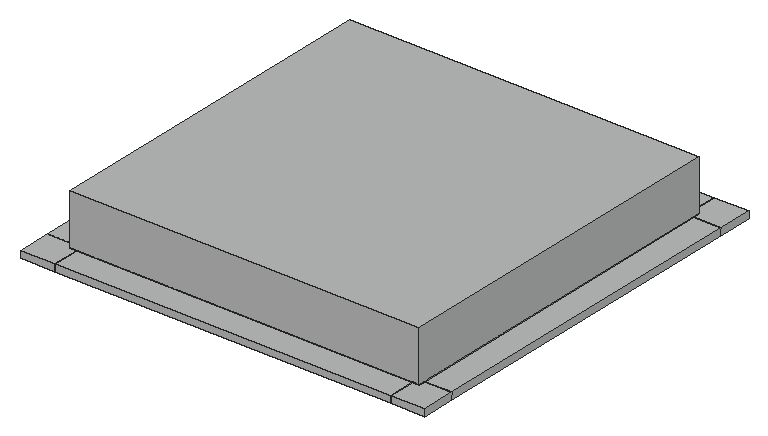
Revit family "ALUMOGIPS", category Осветительные приборы, Revit 2019 (continued)
Types (72, lengths in mm): name | Файл фотометрической сетки | built-in parameter 1150105 | Lumens | built-in parameter 1150106 | built-in parameter 1150142 | Wattage | Emit from Rectangle Width | Emit from Rectangle Length | Длина | Материал светильника | Ширина | ADSK_Ток | ADSK_Полная мощность | ADSK_Обозначение | ADSK_Номинальная мощность | ADSK_Наименование | ADSK_Масса | ADSK_Код изделия
  Alumogips-38/opal-sand 595х595 (IP54, 4000К, белый) | "Светильник ALUMOGIPS-38 OPAL-SAND-(595x595).IES" | 302.39 (stored number, unit not read) | 3800 lm | 3.0239 (stored number, unit not read) | "IESNA:LM-63-95\r\n[TEST] Протокол № 50-12 \r\n[DATA] 20.06.2016\r\n[MORE] \r\n[MANUFAC] ЗАО \"Центрстройсвет\"\r\n[LUMCAT]  Светильник ALUMOGIPS-38/OPAL-SAND-(595x595)\r\n[LUMINAIRE]\r\n[LAMPCAT] Светодиоды\r\n[LAMP] Поток источника света (светодиодов) не известен\r\n[MORE] КСС приведена в абсолютных величинах кд\r\n[MORE] Вместо потока лампы, указан поток светильника.\r\nTILT=NONE\r\n1    3750 1.0 37 73 1 2 0.595 0.595 0.04\r\n1.0 1.0 38.7\r\n0.0 5.0 10.0 15.0 20.0 25.0 30.0 35.0 40.0 45.0 50.0 55.0 60.0 65.0 70.0 75.0 80.0 85.0 90.0 95.0 100.0 105.0 110.0 115.0 120.0 125.0 130.0 135.0 140.0 145.0 150.0 155.0 160.0 165.0 170.0 175.0 180.0\r\n0.0 5.0 10.0 15.0 20.0 25.0 30.0 35.0 40.0 45.0 50.0 55.0 60.0 65.0 70.0 75.0 80.0 85.0 90.0 95.0 100.0 105.0 110.0 115.0 120.0 125.0 130.0 135.0 140.0 145.0 150.0 155.0 160.0 165.0 170.0 175.0 180.0 185.0 190.0 195.0 200.0 205.0 210.0 215.0 220.0 225.0 230.0 235.0 240.0 245.0 250.0 255.0 260.0 265.0 270.0 275.0 280.0 285.0 290.0 295.0 300.0 305.0 310.0 315.0 320.0 325.0 330.0 335.0 340.0 345.0 350.0 355.0 360.0\r\n1391.4 1390.6 1365.7 1330.6 1277.5 1214.9 1147.5 1059.6 967.6 873.2 772.4 664.9 556.3 449.1 342.7 240.6 147.1 64.2 4.7 0.0 0.0 0.0 0.0 0.0 0.0 0.0 0.0 0.0 0.0 0.0 0.0 0.0 0.0 0.0 0.0 0.0 0.0\r\n1391.4 1390.5 1367.8 1332.7 1284.3 1221.3 1147.0 1062.1 969.2 872.4 773.2 666.3 557.1 450.1 343.8 241.9 146.9 64.7 5.2 0.0 0.0 0.0 0.0 0.0 0.0 0.0 0.0 0.0 0.0 0.0 0.0 0.0 0.0 0.0 0.0 0.0 0.0\r\n1391.4 1390.2 1372.0 1333.3 1277.3 1216.8 1144.5 1057.4 969.6 875.1 773.8 669.5 560.0 454.6 345.8 242.4 148.5 65.8 5.4 0.0 0.0 0.0 0.0 0.0 0.0 0.0 0.0 0.0 0.0 0.0 0.0 0.0 0.0 0.0 0.0 0.0 0.0\r\n1391.4 1389.8 1371.2 1330.7 1279.5 1220.5 1148.3 1059.9 967.7 873.2 767.5 666.8 561.4 453.0 347.1 243.7 149.9 65.6 5.8 0.0 0.0 0.0 0.0 0.0 0.0 0.0 0.0 0.0 0.0 0.0 0.0 0.0 0.0 0.0 0.0 0.0 0.0\r\n1391.4 1389.8 1368.3 1329.3 1285.0 1214.6 1141.1 1058.7 971.8 871.3 775.2 666.9 559.4 452.6 345.8 242.5 150.0 65.8 6.1 0.0 0.0 0.0 0.0 0.0 0.0 0.0 0.0 0.0 0.0 0.0 0.0 0.0 0.0 0.0 0.0 0.0 0.0\r\n1391.4 1390.5 1367.3 1332.3 1281.7 1219.0 1142.8 1064.6 970.5 874.4 772.1 667.5 560.2 453.0 346.2 241.8 149.4 65.7 5.6 0.0 0.0 0.0 0.0 0.0 0.0 0.0 0.0 0.0 0.0 0.0 0.0 0.0 0.0 0.0 0.0 0.0 0.0\r\n1391.4 1391.4 1368.1 1333.5 1277.3 1215.7 1139.0 1059.6 968.1 872.4 771.6 667.4 558.8 453.3 344.3 243.9 148.4 65.7 5.4 0.0 0.0 0.0 0.0 0.0 0.0 0.0 0.0 0.0 0.0 0.0 0.0 0.0 0.0 0.0 0.0 0.0 0.0\r\n1391.4 1391.7 1368.1 1330.4 1278.2 1213.9 1142.4 1061.6 967.4 875.1 772.0 669.3 561.1 452.5 345.2 242.1 148.3 65.4 5.5 0.0 0.0 0.0 0.0 0.0 0.0 0.0 0.0 0.0 0.0 0.0 0.0 0.0 0.0 0.0 0.0 0.0 0.0\r\n1391.4 1391.5 1371.0 1328.4 1278.5 1216.7 1142.1 1061.2 971.8 874.7 772.1 668.9 560.8 452.9 345.4 243.3 147.7 66.0 5.4 0.0 0.0 0.0 0.0 0.0 0.0 0.0 0.0 0.0 0.0 0.0 0.0 0.0 0.0 0.0 0.0 0.0 0.0\r\n1391.4 1391.5 1373.2 1330.5 1277.3 1215.5 1143.2 1063.6 967.0 872.7 772.2 669.4 558.9 453.2 346.6 241.9 148.1 65.2 5.5 0.0 0.0 0.0 0.0 0.0 0.0 0.0 0.0 0.0 0.0 0.0 0.0 0.0 0.0 0.0 0.0 0.0 0.0\r\n1391.4 1391.4 1369.7 1328.3 1281.3 1216.0 1139.8 1057.9 968.7 875.3 773.9 667.6 561.8 454.0 344.0 243.1 147.2 65.6 5.5 0.0 0.0 0.0 0.0 0.0 0.0 0.0 0.0 0.0 0.0 0.0 0.0 0.0 0.0 0.0 0.0 0.0 0.0\r\n1391.4 1390.5 1367.9 1330.1 1278.1 1218.1 1138.9 1061.0 970.0 871.8 770.4 669.3 560.2 453.4 346.9 242.1 148.3 65.2 5.2 0.0 0.0 0.0 0.0 0.0 0.0 0.0 0.0 0.0 0.0 0.0 0.0 0.0 0.0 0.0 0.0 0.0 0.0\r\n1391.4 1389.3 1368.2 1329.1 1280.8 1214.4 1142.5 1059.2 967.2 874.3 772.4 668.0 563.1 452.3 345.7 242.8 146.8 64.9 5.1 0.0 0.0 0.0 0.0 0.0 0.0 0.0 0.0 0.0 0.0 0.0 0.0 0.0 0.0 0.0 0.0 0.0 0.0\r\n1391.4 1388.6 1367.4 1327.8 1278.0 1215.7 1141.0 1061.0 971.5 877.3 771.2 667.3 561.5 453.0 346.4 242.4 146.3 64.8 5.2 0.0 0.0 0.0 0.0 0.0 0.0 0.0 0.0 0.0 0.0 0.0 0.0 0.0 0.0 0.0 0.0 0.0 0.0\r\n1391.4 1388.0 1367.6 1326.7 1278.3 1218.0 1140.9 1061.5 968.4 873.4 770.1 666.6 562.1 454.6 344.8 241.8 146.4 64.0 5.5 0.0 0.0 0.0 0.0 0.0 0.0 0.0 0.0 0.0 0.0 0.0 0.0 0.0 0.0 0.0 0.0 0.0 0.0\r\n1391.4 1387.2 1366.1 1331.0 1281.4 1216.3 1142.7 1059.1 969.4 871.5 772.2 667.3 560.5 453.0 344.4 242.2 146.4 63.8 5.6 0.0 0.0 0.0 0.0 0.0 0.0 0.0 0.0 0.0 0.0 0.0 0.0 0.0 0.0 0.0 0.0 0.0 0.0\r\n1391.4 1387.1 1366.3 1328.7 1276.9 1214.5 1141.2 1059.3 968.4 874.3 775.5 668.3 562.5 454.9 346.4 241.3 146.2 63.5 5.7 0.0 0.0 0.0 0.0 0.0 0.0 0.0 0.0 0.0 0.0 0.0 0.0 0.0 0.0 0.0 0.0 0.0 0.0\r\n1391.4 1388.4 1366.0 1329.7 1279.2 1217.9 1140.0 1060.5 969.0 873.9 772.0 671.3 560.4 453.2 343.7 241.7 145.8 63.7 5.4 0.0 0.0 0.0 0.0 0.0 0.0 0.0 0.0 0.0 0.0 0.0 0.0 0.0 0.0 0.0 0.0 0.0 0.0\r\n1391.4 1389.6 1367.7 1329.3 1277.2 1211.1 1140.1 1061.0 971.0 871.2 769.2 669.1 561.5 453.1 343.3 241.9 145.8 63.4 5.2 0.0 0.0 0.0 0.0 0.0 0.0 0.0 0.0 0.0 0.0 0.0 0.0 0.0 0.0 0.0 0.0 0.0 0.0\r\n1391.4 1388.8 1366.9 1327.1 1279.4 1214.2 1142.5 1056.4 970.7 870.3 771.0 665.1 560.4 453.3 343.8 241.1 145.7 63.4 5.2 0.0 0.0 0.0 0.0 0.0 0.0 0.0 0.0 0.0 0.0 0.0 0.0 0.0 0.0 0.0 0.0 0.0 0.0\r\n1391.4 1387.2 1365.8 1328.9 1276.6 1210.2 1141.4 1059.3 966.6 871.4 770.5 667.4 559.2 451.4 344.2 241.0 145.6 63.2 5.1 0.0 0.0 0.0 0.0 0.0 0.0 0.0 0.0 0.0 0.0 0.0 0.0 0.0 0.0 0.0 0.0 0.0 0.0\r\n1391.4 1386.8 1364.4 1329.8 1279.4 1213.7 1144.0 1059.0 965.3 873.7 768.8 668.9 559.4 449.5 342.6 241.5 144.6 63.4 5.0 0.0 0.0 0.0 0.0 0.0 0.0 0.0 0.0 0.0 0.0 0.0 0.0 0.0 0.0 0.0 0.0 0.0 0.0\r\n1391.4 1388.1 1365.8 1328.1 1273.8 1213.4 1137.9 1059.2 967.3 869.2 769.3 667.7 558.4 451.4 344.0 240.6 145.7 63.4 4.9 0.0 0.0 0.0 0.0 0.0 0.0 0.0 0.0 0.0 0.0 0.0 0.0 0.0 0.0 0.0 0.0 0.0 0.0\r\n1391.4 1389.2 1364.4 1323.2 1276.3 1213.8 1137.6 1055.3 963.1 871.0 767.7 664.1 559.7 447.1 342.4 240.1 145.2 63.9 5.1 0.0 0.0 0.0 0.0 0.0 0.0 0.0 0.0 0.0 0.0 0.0 0.0 0.0 0.0 0.0 0.0 0.0 0.0\r\n1391.4 1388.4 1362.3 1326.8 1274.4 1212.2 1137.9 1054.7 966.7 867.9 768.7 663.4 557.3 449.2 343.3 240.0 145.7 63.6 5.0 0.0 0.0 0.0 0.0 0.0 0.0 0.0 0.0 0.0 0.0 0.0 0.0 0.0 0.0 0.0 0.0 0.0 0.0\r\n1391.4 1386.2 1361.8 1326.5 1273.3 1211.2 1134.5 1048.6 964.3 866.3 767.8 662.9 556.7 449.5 341.9 239.8 145.7 63.7 5.0 0.0 0.0 0.0 0.0 0.0 0.0 0.0 0.0 0.0 0.0 0.0 0.0 0.0 0.0 0.0 0.0 0.0 0.0\r\n1391.4 1384.4 1363.5 1324.4 1272.0 1209.5 1137.2 1053.0 960.2 867.5 767.9 662.7 556.7 449.2 342.5 239.1 146.2 63.8 4.8 0.0 0.0 0.0 0.0 0.0 0.0 0.0 0.0 0.0 0.0 0.0 0.0 0.0 0.0 0.0 0.0 0.0 0.0\r\n1391.4 1383.7 1362.4 1324.4 1274.0 1209.5 1134.4 1050.1 965.4 864.9 764.6 662.3 556.6 447.9 340.5 240.3 145.5 64.6 4.6 0.0 0.0 0.0 0.0 0.0 0.0 0.0 0.0 0.0 0.0 0.0 0.0 0.0 0.0 0.0 0.0 0.0 0.0\r\n1391.4 1384.4 1361.9 1326.9 1270.2 1207.3 1132.7 1050.1 959.7 867.7 763.1 662.2 555.0 447.3 343.0 238.3 145.8 63.9 4.7 0.0 0.0 0.0 0.0 0.0 0.0 0.0 0.0 0.0 0.0 0.0 0.0 0.0 0.0 0.0 0.0 0.0 0.0\r\n1391.4 1385.1 1363.0 1320.0 1270.4 1207.9 1134.4 1055.0 963.5 867.3 766.7 660.7 555.9 450.1 342.6 240.2 145.9 64.3 4.9 0.0 0.0 0.0 0.0 0.0 0.0 0.0 0.0 0.0 0.0 0.0 0.0 0.0 0.0 0.0 0.0 0.0 0.0\r\n1391.4 1384.9 1362.3 1321.4 1273.1 1208.0 1135.4 1052.3 961.9 865.0 764.0 660.8 553.5 447.6 341.2 240.3 146.1 63.8 4.8 0.0 0.0 0.0 0.0 0.0 0.0 0.0 0.0 0.0 0.0 0.0 0.0 0.0 0.0 0.0 0.0 0.0 0.0\r\n1391.4 1383.8 1361.2 1322.1 1265.1 1211.5 1132.8 1049.3 961.3 863.4 764.0 661.0 550.7 447.9 341.0 240.1 146.2 63.8 4.6 0.0 0.0 0.0 0.0 0.0 0.0 0.0 0.0 0.0 0.0 0.0 0.0 0.0 0.0 0.0 0.0 0.0 0.0\r\n1391.4 1382.8 1359.3 1321.5 1269.3 1206.8 1132.8 1051.1 958.3 863.2 763.1 662.7 553.4 448.0 340.4 240.0 145.8 63.8 4.0 0.0 0.0 0.0 0.0 0.0 0.0 0.0 0.0 0.0 0.0 0.0 0.0 0.0 0.0 0.0 0.0 0.0 0.0\r\n1391.4 1382.6 1359.0 1319.6 1268.1 1204.3 1129.8 1049.0 957.7 861.8 761.7 658.4 554.2 446.1 340.4 239.0 145.6 63.8 3.8 0.0 0.0 0.0 0.0 0.0 0.0 0.0 0.0 0.0 0.0 0.0 0.0 0.0 0.0 0.0 0.0 0.0 0.0\r\n1391.4 1382.8 1358.5 1315.8 1266.5 1202.1 1128.5 1049.2 957.6 860.0 762.1 658.2 549.9 443.8 339.6 238.4 145.7 63.6 3.7 0.0 0.0 0.0 0.0 0.0 0.0 0.0 0.0 0.0 0.0 0.0 0.0 0.0 0.0 0.0 0.0 0.0 0.0\r\n1391.4 1382.2 1360.5 1319.2 1265.9 1204.5 1129.9 1046.9 955.0 862.9 758.9 657.9 552.5 444.9 338.9 238.8 145.3 63.6 3.3 0.0 0.0 0.0 0.0 0.0 0.0 0.0 0.0 0.0 0.0 0.0 0.0 0.0 0.0 0.0 0.0 0.0 0.0\r\n1391.4 1381.1 1361.2 1321.0 1268.1 1203.8 1128.8 1047.4 955.6 863.7 761.1 656.4 551.5 445.2 339.2 238.5 144.7 62.5 3.5 0.0 0.0 0.0 0.0 0.0 0.0 0.0 0.0 0.0 0.0 0.0 0.0 0.0 0.0 0.0 0.0 0.0 0.0\r\n1391.4 1380.6 1359.0 1316.4 1268.5 1204.0 1126.1 1049.5 956.2 859.6 759.7 656.5 549.2 444.3 338.4 236.1 143.8 61.6 3.2 0.0 0.0 0.0 0.0 0.0 0.0 0.0 0.0 0.0 0.0 0.0 0.0 0.0 0.0 0.0 0.0 0.0 0.0\r\n1391.4 1380.7 1356.6 1316.0 1267.0 1205.6 1130.3 1044.8 956.9 856.7 759.3 653.5 548.1 441.9 335.3 235.4 141.4 60.3 2.9 0.0 0.0 0.0 0.0 0.0 0.0 0.0 0.0 0.0 0.0 0.0 0.0 0.0 0.0 0.0 0.0 0.0 0.0\r\n1391.4 1380.4 1354.4 1317.9 1268.8 1199.0 1129.0 1044.0 956.9 860.6 758.3 656.9 549.1 442.0 334.4 236.1 141.7 60.5 2.6 0.0 0.0 0.0 0.0 0.0 0.0 0.0 0.0 0.0 0.0 0.0 0.0 0.0 0.0 0.0 0.0 0.0 0.0\r\n1391.4 1380.1 1356.7 1322.1 1264.6 1201.7 1129.9 1047.4 957.2 859.7 758.2 656.1 549.4 442.8 335.3 235.8 141.3 60.6 2.3 0.0 0.0 0.0 0.0 0.0 0.0 0.0 0.0 0.0 0.0 0.0 0.0 0.0 0.0 0.0 0.0 0.0 0.0\r\n1391.4 1379.9 1357.3 1317.5 1265.9 1207.8 1129.2 1046.5 955.7 860.2 758.6 656.9 550.7 441.9 335.4 233.9 140.6 60.2 2.4 0.0 0.0 0.0 0.0 0.0 0.0 0.0 0.0 0.0 0.0 0.0 0.0 0.0 0.0 0.0 0.0 0.0 0.0\r\n1391.4 1379.2 1355.5 1314.6 1269.3 1203.7 1133.5 1044.8 957.2 857.9 762.0 656.6 548.7 440.4 335.9 234.5 140.4 59.8 2.8 0.0 0.0 0.0 0.0 0.0 0.0 0.0 0.0 0.0 0.0 0.0 0.0 0.0 0.0 0.0 0.0 0.0 0.0\r\n1391.4 1377.9 1357.1 1319.2 1271.9 1204.4 1128.6 1050.2 953.1 856.9 757.6 653.7 548.9 439.9 335.4 232.4 140.5 59.2 3.0 0.0 0.0 0.0 0.0 0.0 0.0 0.0 0.0 0.0 0.0 0.0 0.0 0.0 0.0 0.0 0.0 0.0 0.0\r\n1391.4 1377.2 1356.3 1322.9 1266.0 1204.8 1132.2 1049.0 958.1 859.3 759.0 654.6 547.0 441.6 334.9 232.1 139.3 58.8 2.9 0.0 0.0 0.0 0.0 0.0 0.0 0.0 0.0 0.0 0.0 0.0 0.0 0.0 0.0 0.0 0.0 0.0 0.0\r\n1391.4 1377.8 1353.8 1319.7 1269.6 1207.9 1135.8 1049.5 955.8 858.0 762.4 655.9 548.2 441.6 335.6 231.7 139.4 58.8 2.8 0.0 0.0 0.0 0.0 0.0 0.0 0.0 0.0 0.0 0.0 0.0 0.0 0.0 0.0 0.0 0.0 0.0 0.0\r\n1391.4 1378.5 1355.2 1319.8 1267.3 1206.5 1131.2 1046.1 954.6 861.2 756.6 653.8 548.1 440.3 335.0 232.6 138.6 59.0 2.9 0.0 0.0 0.0 0.0 0.0 0.0 0.0 0.0 0.0 0.0 0.0 0.0 0.0 0.0 0.0 0.0 0.0 0.0\r\n1391.4 1378.6 1355.1 1318.3 1269.7 1200.8 1133.1 1049.0 957.6 862.5 762.4 656.9 549.3 443.5 334.7 231.2 138.8 58.1 3.0 0.0 0.0 0.0 0.0 0.0 0.0 0.0 0.0 0.0 0.0 0.0 0.0 0.0 0.0 0.0 0.0 0.0 0.0\r\n1391.4 1378.8 1355.8 1321.7 1268.8 1210.0 1129.0 1048.5 958.8 862.4 762.2 656.4 549.0 441.1 335.4 231.5 138.5 58.1 3.0 0.0 0.0 0.0 0.0 0.0 0.0 0.0 0.0 0.0 0.0 0.0 0.0 0.0 0.0 0.0 0.0 0.0 0.0\r\n1391.4 1379.6 1357.6 1321.7 1269.0 1207.1 1133.9 1047.0 964.1 863.3 761.9 656.4 551.5 440.7 334.9 232.2 137.6 58.1 2.8 0.0 0.0 0.0 0.0 0.0 0.0 0.0 0.0 0.0 0.0 0.0 0.0 0.0 0.0 0.0 0.0 0.0 0.0\r\n1391.4 1380.6 1357.7 1319.2 1272.0 1207.5 1131.3 1054.6 959.0 863.3 764.8 655.9 549.1 443.0 335.1 231.3 138.0 58.1 2.7 0.0 0.0 0.0 0.0 0.0 0.0 0.0 0.0 0.0 0.0 0.0 0.0 0.0 0.0 0.0 0.0 0.0 0.0\r\n1391.4 1381.5 1358.5 1321.9 1271.0 1204.1 1135.9 1055.8 962.5 865.5 761.1 656.9 550.6 442.0 335.3 231.9 137.4 57.9 2.6 0.0 0.0 0.0 0.0 0.0 0.0 0.0 0.0 0.0 0.0 0.0 0.0 0.0 0.0 0.0 0.0 0.0 0.0\r\n1391.4 1381.3 1358.5 1322.3 1270.8 1207.2 1133.7 1051.9 958.0 867.3 767.5 657.0 552.1 442.3 333.6 231.2 137.9 57.8 2.6 0.0 0.0 0.0 0.0 0.0 0.0 0.0 0.0 0.0 0.0 0.0 0.0 0.0 0.0 0.0 0.0 0.0 0.0\r\n1391.4 1380.6 1359.4 1319.7 1270.6 1209.0 1133.0 1052.1 963.9 867.5 764.1 660.0 554.0 443.3 334.8 231.7 137.6 57.8 2.7 0.0 0.0 0.0 0.0 0.0 0.0 0.0 0.0 0.0 0.0 0.0 0.0 0.0 0.0 0.0 0.0 0.0 0.0\r\n1391.4 1381.3 1359.9 1321.3 1270.6 1204.8 1135.0 1051.3 962.1 865.5 761.7 660.3 553.1 443.5 334.1 231.9 137.9 57.8 2.8 0.0 0.0 0.0 0.0 0.0 0.0 0.0 0.0 0.0 0.0 0.0 0.0 0.0 0.0 0.0 0.0 0.0 0.0\r\n1391.4 1383.1 1362.1 1324.8 1273.8 1208.7 1134.8 1055.9 961.8 866.4 762.3 659.7 552.4 443.7 334.4 232.8 138.0 58.0 2.8 0.0 0.0 0.0 0.0 0.0 0.0 0.0 0.0 0.0 0.0 0.0 0.0 0.0 0.0 0.0 0.0 0.0 0.0\r\n1391.4 1384.6 1360.4 1321.7 1272.0 1210.6 1130.9 1052.5 963.1 866.7 767.4 659.3 553.7 444.6 335.4 233.1 138.3 58.0 2.8 0.0 0.0 0.0 0.0 0.0 0.0 0.0 0.0 0.0 0.0 0.0 0.0 0.0 0.0 0.0 0.0 0.0 0.0\r\n1391.4 1385.6 1357.5 1324.7 1273.9 1211.6 1134.3 1052.7 963.6 865.4 763.1 658.7 552.2 444.9 336.9 232.8 138.8 58.6 2.9 0.0 0.0 0.0 0.0 0.0 0.0 0.0 0.0 0.0 0.0 0.0 0.0 0.0 0.0 0.0 0.0 0.0 0.0\r\n1391.4 1386.4 1357.8 1323.4 1273.2 1212.2 1136.3 1054.7 967.5 867.5 764.0 659.4 553.3 443.7 336.8 233.2 138.9 58.5 3.1 0.0 0.0 0.0 0.0 0.0 0.0 0.0 0.0 0.0 0.0 0.0 0.0 0.0 0.0 0.0 0.0 0.0 0.0\r\n1391.4 1386.6 1362.0 1324.9 1273.2 1211.3 1139.0 1049.9 960.3 866.4 768.0 661.3 552.2 443.4 336.3 233.4 139.8 58.9 3.1 0.0 0.0 0.0 0.0 0.0 0.0 0.0 0.0 0.0 0.0 0.0 0.0 0.0 0.0 0.0 0.0 0.0 0.0\r\n1391.4 1386.0 1360.5 1326.0 1271.8 1212.0 1137.2 1059.3 963.5 867.6 766.9 661.2 552.3 445.8 337.8 233.6 141.0 59.2 3.3 0.0 0.0 0.0 0.0 0.0 0.0 0.0 0.0 0.0 0.0 0.0 0.0 0.0 0.0 0.0 0.0 0.0 0.0\r\n1391.4 1385.0 1362.3 1325.1 1272.0 1207.1 1138.5 1053.6 964.5 865.8 766.5 661.6 554.3 445.9 337.0 234.5 140.4 60.2 3.5 0.0 0.0 0.0 0.0 0.0 0.0 0.0 0.0 0.0 0.0 0.0 0.0 0.0 0.0 0.0 0.0 0.0 0.0\r\n1391.4 1384.4 1361.8 1323.6 1274.0 1214.8 1138.9 1053.9 968.0 867.9 769.0 663.8 555.6 446.7 339.6 235.0 141.3 60.4 3.4 0.0 0.0 0.0 0.0 0.0 0.0 0.0 0.0 0.0 0.0 0.0 0.0 0.0 0.0 0.0 0.0 0.0 0.0\r\n1391.4 1385.0 1360.9 1322.2 1272.4 1209.8 1137.2 1055.7 962.7 869.7 769.6 658.2 556.6 447.4 338.5 236.2 142.5 60.7 3.4 0.0 0.0 0.0 0.0 0.0 0.0 0.0 0.0 0.0 0.0 0.0 0.0 0.0 0.0 0.0 0.0 0.0 0.0\r\n1391.4 1386.6 1363.1 1323.6 1272.5 1211.5 1139.2 1058.4 969.9 868.0 768.8 664.6 556.3 445.8 342.1 236.1 142.3 61.2 3.5 0.0 0.0 0.0 0.0 0.0 0.0 0.0 0.0 0.0 0.0 0.0 0.0 0.0 0.0 0.0 0.0 0.0 0.0\r\n1391.4 1388.6 1360.9 1330.2 1273.7 1213.2 1138.7 1058.3 966.2 867.0 766.8 663.4 553.3 447.1 339.2 238.7 143.0 61.4 3.8 0.0 0.0 0.0 0.0 0.0 0.0 0.0 0.0 0.0 0.0 0.0 0.0 0.0 0.0 0.0 0.0 0.0 0.0\r\n1391.4 1389.8 1360.8 1328.4 1276.8 1216.0 1140.1 1055.8 963.1 870.3 768.4 663.1 554.0 449.1 340.1 237.3 144.8 61.7 3.8 0.0 0.0 0.0 0.0 0.0 0.0 0.0 0.0 0.0 0.0 0.0 0.0 0.0 0.0 0.0 0.0 0.0 0.0\r\n1391.4 1389.3 1362.5 1325.9 1278.0 1210.4 1138.2 1054.7 967.8 872.7 770.2 661.9 556.5 446.9 341.3 237.7 144.4 62.5 3.9 0.0 0.0 0.0 0.0 0.0 0.0 0.0 0.0 0.0 0.0 0.0 0.0 0.0 0.0 0.0 0.0 0.0 0.0\r\n1391.4 1387.8 1365.8 1326.6 1274.3 1213.2 1141.4 1053.1 966.2 871.2 768.4 663.7 555.0 447.1 341.3 238.2 144.3 62.7 4.1 0.0 0.0 0.0 0.0 0.0 0.0 0.0 0.0 0.0 0.0 0.0 0.0 0.0 0.0 0.0 0.0 0.0 0.0\r\n1391.4 1387.2 1364.2 1328.3 1274.8 1209.4 1145.0 1060.0 963.9 867.5 766.5 663.4 556.7 448.2 340.9 240.3 144.7 63.3 4.0 0.0 0.0 0.0 0.0 0.0 0.0 0.0 0.0 0.0 0.0 0.0 0.0 0.0 0.0 0.0 0.0 0.0 0.0\r\n1391.4 1388.4 1364.9 1332.6 1279.0 1215.6 1140.9 1056.3 969.3 867.1 770.0 663.8 559.0 449.0 342.4 240.3 145.7 63.3 4.7 0.0 0.0 0.0 0.0 0.0 0.0 0.0 0.0 0.0 0.0 0.0 0.0 0.0 0.0 0.0 0.0 0.0 0.0\r\n1391.4 1390.0 1364.5 1329.3 1281.4 1217.7 1141.3 1063.3 970.3 871.1 768.8 663.5 555.2 449.3 342.4 239.8 146.6 63.3 4.9 0.0 0.0 0.0 0.0 0.0 0.0 0.0 0.0 0.0 0.0 0.0 0.0 0.0 0.0 0.0 0.0 0.0 0.0\r\n1391.4 1390.6 1365.7 1330.6 1277.5 1214.9 1147.5 1059.6 967.6 873.2 772.4 664.9 556.3 449.1 342.7 240.6 147.1 64.2 4.7 0.0 0.0 0.0 0.0 0.0 0.0 0.0 0.0 0.0 0.0 0.0 0.0 0.0 0.0 0.0 0.0 0.0 0.0\r\n" | 25.582 W | 575 | 575 | 595 | RAL 9001 | 595 | 0.179584 A | 41.3043 VA | "Alumogips-38/opal-sand 595х595 (IP54, 4000К, белый)" | 38 W | "Встраиваемый светодиодный светильник Alumogips-38/opal-sand 595х595 (IP54, 4000К, белый)" | 2.4 | "ЦБ000007360"
